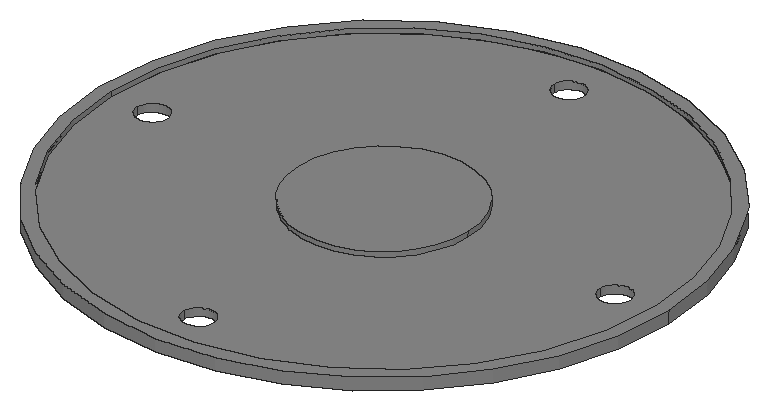
Revit family "M_Bueiro", category Terreno, Revit 2019
Family settings
  Cota do conector redondo = Utilizar diâmetro
  Tipo de parte = Normal
  ID de item do Seek = Manhole-0000-CAN-ENU
  Com base no plano de trabalho = Não
  Sempre na vertical = Não
  Corte com vazios quando carregada = Não
  Compartilhado = Não
Parameters
  Diâmetro = 600 mm
Reference planes
  plane 1 "Centro (Frente/Trás)": y = 0
  plane 2: z = 0
  plane 3 "Centro (Esquerda/Direita)": x = 0
  plane 4: x = -300
  plane 5: x = 300
  plane 6: y = 300
  plane 7: y = -300
  plane 8: x = -300
  plane 9: x = 300
Forms (mm)
  Extrusion 1, solid, material "Aço, acabamento de pintura, cinza escuro, fosco"
    sketch origin (0, 0, 0) x (1, 0, 0) y (0, 1, 0)
      loop
        circle (0, 0) r 300
      loop
        circle (0, -243.747) r 16.011
      loop
        circle (0, 243.747) r 16.011
      loop
        circle (-243.747, 0) r 16.011
      loop
        circle (243.747, 0) r 16.011
    from 0 to 12.7
  Extrusion 2, void
    sketch origin (0, 0, 0) x (1, 0, 0) y (0, 1, 0)
      loop
        circle (0, 0) r 88.9
      loop
        circle (0, 0) r 287.3
    from 7.938 to 12.7
Cuts and joins
  Extrusion 2 cuts Extrusion 1
Dimensions and locks
  "Diâmetro": plane 6 to plane 7
  "Diâmetro": plane 4 to plane 5
  equal spacing: plane 4, plane 3 "Centro (Esquerda/Direita)", plane 5
  equal spacing: plane 6, plane 1 "Centro (Frente/Trás)", plane 7
  "Diâmetro": plane 8 to plane 9
  locked: plane 8 to Extrusion 2 sketch curve at 12.7
  equal spacing: plane 8, plane 3 "Centro (Esquerda/Direita)", plane 9
Automatic sketch dimensions
  Extrusion 1 sketch curve to plane 1 "Centro (Frente/Trás)" = 0 mm  (x3)
  Extrusion 1 sketch curve to plane 4 = 0 mm
  Extrusion 1 sketch curve to plane 3 "Centro (Esquerda/Direita)" = 0 mm  (x3)
  Extrusion 1 sketch curve to Extrusion 1 sketch curve = 40.243 mm
  Extrusion 1 sketch curve to Extrusion 1 sketch curve = 16.011 mm  (x2)
  Extrusion 1 sketch curve to plane 3 "Centro (Esquerda/Direita)" = 16.011 mm  (x2)
  Extrusion 1 sketch curve to Extrusion 1 sketch curve = 72.264 mm
  plane 7 to Extrusion 1 sketch curve = 56.253 mm
  Extrusion 1 sketch curve to plane 6 = 56.253 mm
  Extrusion 2 sketch curve to plane 1 "Centro (Frente/Trás)" = 0 mm  (x2)
  Extrusion 2 sketch curve to plane 3 "Centro (Esquerda/Direita)" = 0 mm  (x2)
  Extrusion 2 sketch curve to plane 3 "Centro (Esquerda/Direita)" = 88.9 mm
